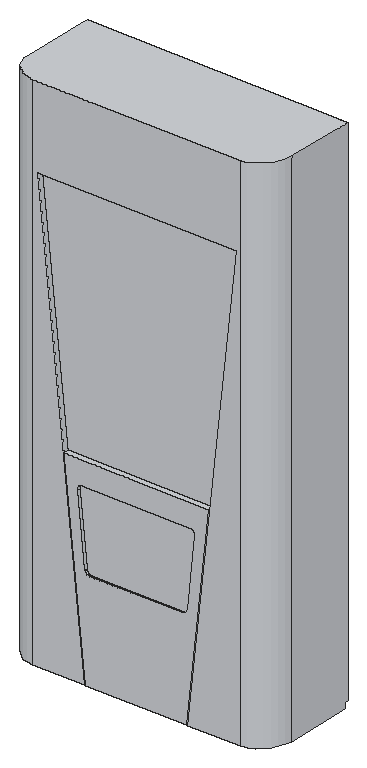
Revit family "RFADBX18", category Generic Models, Revit 2013
Parameters (values of type "DBX_Electronically Controlled Instantaneous Water Heaters")
  Wireless (WIFI) = "N/A"
  Weekly Maintenance (or SFG20 Codes) = ""
  Warranty ID = "12 months"
  Tap Clearance = "N/A"
  Shipping Weight = "Not Known"
  Responsible Sourcing of Materials = ""
  Responsible Extraction of Materials = ""
  Quarterly Maintenance (or SFG20 Codes) = ""
  Overall Length/Depth = "160"
  WRAS Approved = "Yes"
  Power Supply (Voltage) = "PE 380-400"
  URL = "www.zipindustries.co.uk"
  Type Comments = "Boiling Water Heater (Potable)"
  Supply Phase = "3"
  Shape = "Rectangular"
  O&M Manual (Manufacturer O&M Data) = ""
  Monthly Maintenance (or SFG20 Codes) = ""
  Max. Stored Water Temperature = "N/A"
  Material Ingredient Reporting = ""
  Maintenance Required 8001-12000hrs (Maintenance required in this time frame) = ""
  Maintenance Required 601-1000hrs (Maintenance tasks required in this time frame) = ""
  Maintenance Required 40001-8000hrs (Maintenance tasks required in this time frame) = ""
  Maintenance Required 301-600hrs (Maintenance Tasks required in this time frame) = ""
  Maintenance Required 2001-4000hrs (Maintenance tasks required in this time frame) = ""
  Maintenance Required 1001-2000hrs (Maintenance tasks required in this time frame) = ""
  Maintenance Required 0-300hrs (Maintenance Tasks required in this time frame) = ""
  Location of Manufacturer = ""
  Life Cycle Analysis = ""
  Heat Up Time = "N/A"
  Programmable Safety Features = "YES"
  Programmable Function Parameters = "YES"
  Product Range = "Instantaneous Water Heaters"
  Overall Width = "295"
  Overall Height = "540"
  Type/Usage = "Wall mounted"
  Net Weight = "3.3kg"
  Internal Filter (if fitted) = "Not Fitted"
  Gross Weight = "3.7kg"
  Green Guide for Specification = ""
  Model = "DBX18"
  Standby Power Loss (idle mode) = "Not Known"
  l Flow Rate @ 50°C(3)  l/m = "9.8(4)"
  Volume Dispensed per hour = "N/A"
  Expected Life = ""
  Environmental Product Declaration = ""
  Energy Technology List = ""
  Embodied Carbon = ""
  Daily Maintenance (or SFG20 Codes) = ""
  Cable Length and size (If Fitted) = "Not fitted"
  Single Instance Draw off Volume = "N/A"
  Recovery Volume per Minute = "N/A"
  Mains Water Connection = "1/2” BSP"
  Manufacturer = "Zip Industries(UK) Ltd"
  Keynote = ""
  Mains Water Pressure (Minimum) = "0.2 MPa (2 bar) is recommended for optimum performance."
  Mains Water Pressure (Maximum) = "The appliance must not be subject to more than 1.0 MPa (10 bar)."
  Mains Pressure Limiting Valve = "Not Fitted"
  Touch Screen Control Panel = "Yes"
  Enclosure Rating = "IP25"
  Button Interface = "Yes"
  Bespoke Timeframe Maintenance (or SFG20 Codes) = ""
  Backflow Prevention Valve = "Not fitted"
  Tank Construction Material = "N/A"
  Tank Thickness = "N/A"
  Insulation Material = "N/A"
  Recommended Installation Height (Wall mounted Units) = "N/A"
  Power Rating = "18.0"
  Capacity = "N/A"
  Features = ""
  External Material = "High impact resistant white plastic"
  Electrical safety tested and certified to BS standard = ""
  EMC Tested and certified to BS standard = ""
  Description = ""
  Control Thermostat Range = "30°C-60°C"
  CE Approval = ""
  BMS Links = "No"
  Assembly Code = ""
  Unit Access Clearance right = "N/A"
  Unit Access Clearance Top = "N/A"
  Unit Access Clearance Rear = "N/A"
  Unit Access Clearance Left = "N/A"
  Unit Access Clearance Front = "N/A"
  Unit Access Clearance Bottom = "N/A"
  Annually Maintenance (or SFG20 Codes) = ""
  7 day Electronic Programming = "No"
  6 Monthly Maintenance (or SFG20 Codes) = ""
Reference planes
  plane 1 "Center (Front/Back)": y = 0
  plane 2: z = 0
  plane 3 "Center (Left/Right)": x = 0
  plane 4 "BOX LEFT": x = -117.5
  plane 5 "A": y = 19.376
  plane 6 "S": z = -148.951
  plane 7 "H": z = -191.869
  plane 8 "V": z = -175.306
  plane 9 "ww": through (62.801, 43.527, 1200) normal (-0.1908, -0.9816, 0)
  plane 10 "BASE": z = -232.832
Forms (mm)
  Extrusion 1, solid
    sketch origin (0, 0, -352.526) x (-1, 0, 0) y (0, -1, 0)
      loop
        line (106.239, -47.777) -> (109.307, -39.349) -> (115.065, -39.349) -> (116.054, -36.632) -> (116.054, 20.759)
        arc (116.054, 20.759) -> (110.947, 40.718) -> (92.486, 49.863) r 24.701
        line (92.486, 49.863) -> (-92.514, 49.863)
        arc (-92.514, 49.863) -> (-108.804, 40.026) -> (-115.994, 22.406) r 30.245
        line (-115.994, 22.406) -> (-115.994, -39.126) -> (-110.049, -39.126) -> (-106.9, -47.777) -> (106.239, -47.777)
    from 119.694 to 585.705
  Extrusion 2, void
    sketch origin (0, 0, 0) x (1, 0, 0) y (0, 0, 1)
      loop
        line (88.743, 160.437) -> (-88.227, 160.713) -> (-65.315, -54.107) -> (65.182, -54.107) -> (88.743, 160.437)
    from 45.155 to 61.706
  Extrusion 3, void
    sketch origin (0, 0, 0) x (1, 0, 0) y (0, 0, 1)
      loop
        line (-65.321, -54.107) -> (-46.204, -233.175) -> (-45.407, -233.09) -> (-64.514, -54.107) -> (-65.321, -54.107)
      loop
        line (65.182, -54.107) -> (64.246, -54.107) -> (44.558, -233.384) -> (45.495, -233.384) -> (45.645, -232.02) -> (65.182, -54.107)
    from 0 to 250
  Extrusion 4, void
    sketch origin (0, 0, 0) x (1, 0, 0) y (0, 0, 1)
      loop
        arc (-48.165, -74.647) -> (-51.281, -76.034) -> (-52.333, -79.278) r 4.191
        line (-52.333, -79.278) -> (-45.817, -141.003)
        arc (-45.817, -141.003) -> (-44.46, -143.664) -> (-41.671, -144.735) r 4.169
        line (-41.671, -144.735) -> (41.027, -144.735)
        arc (41.027, -144.735) -> (43.666, -143.724) -> (44.955, -141.21) r 3.951
        line (44.955, -141.21) -> (51.688, -79.291)
        arc (51.688, -79.291) -> (50.641, -76.039) -> (47.521, -74.647) r 4.191
        line (47.521, -74.647) -> (-48.165, -74.647)
    from 48.002 to 57.893
  Extrusion 5, void
    sketch origin (125, 0, -1.217) x (0, 0, -1) y (0, -1, 0)
      loop
        line (223.201, -47.777) -> (232.832, -47.777) -> (232.832, -36.632) -> (226.676, -36.632) -> (223.201, -47.777)
      loop
        line (-225.893, -47.777) -> (-228.613, -39.349) -> (-234.396, -39.349) -> (-234.396, -47.777) -> (-225.893, -47.777)
    from 0 to 250
  Extrusion 6, void
    sketch origin (0, 0, 0) x (1, 0, 0) y (0, 0, 1)
      loop
        line (104.401, -129.051) -> (-104.875, -128.724) -> (-105.02, -221.724) -> (104.256, -222.051) -> (104.401, -129.051)
    from -3.62 to -53.716
  Revolve 7, solid
    sketch origin (0, 19.376, 0) x (0, 0, -1) y (-1, 0, 0)
      loop
        line (128.957, -44.72) -> (128.957, -46.484) -> (155.821, -46.484) -> (155.821, -44.72) -> (128.957, -44.72)
      axis (155.821, -49.774) -> (128.957, -49.774)
    angle from 0 to 360
  Revolve 8, solid
    sketch origin (-0.312, 19.376, 0) x (0, 0, -1) y (1, 0, 0)
      loop
        line (128.957, -44.72) -> (128.957, -46.484) -> (155.821, -46.484) -> (155.821, -44.72) -> (128.957, -44.72)
      axis (155.821, -49.774) -> (128.957, -49.774)
    angle from 0 to 360
  Extrusion 9, solid
    sketch origin (0, 0, -148.951) x (0, 1, 0) y (-1, 0, 0)
      loop
        line (28.826, 44.77) -> (28.826, 55.682) -> (19.376, 61.137) -> (9.926, 55.682) -> (9.926, 44.77) -> (19.376, 39.314) -> (28.826, 44.77)
    from 0 to -10.758
  Extrusion 10, solid
    sketch origin (0, 0, -148.951) x (0, 1, 0) y (-1, 0, 0)
      loop
        line (28.826, -44.77) -> (19.376, -39.314) -> (9.926, -44.77) -> (9.926, -55.682) -> (19.376, -61.137) -> (28.826, -55.682) -> (28.826, -44.77)
    from 0 to -10.915
  Revolve 11, solid
    sketch origin (0, 19.376, 0) x (0, 0, -1) y (-1, 0, 0)
      loop
        line (159.866, -49.273) -> (194.06, -49.273) -> (194.06, -38.034) -> (164.852, -38.034) -> (164.852, -41.475) -> (159.866, -41.475) -> (159.866, -49.273)
      axis (194.06, -49.757) -> (159.866, -49.757)
    angle from 0 to 360
  Revolve 12, solid
    sketch origin (0, 19.376, 0) x (0, 0, -1) y (1, 0, 0)
      loop
        line (159.866, -49.273) -> (194.06, -49.273) -> (194.06, -38.034) -> (164.852, -38.034) -> (164.852, -41.475) -> (159.866, -41.475) -> (159.866, -49.273)
      axis (194.06, -49.757) -> (159.866, -49.757)
    angle from 0 to 360
  Extrusion 13, solid
    sketch origin (0, 0, -191.869) x (0, 1, 0) y (-1, 0, 0)
      loop
        line (32.3, -45.013) -> (21.805, -36.173) -> (8.866, -40.855) -> (6.454, -54.383) -> (16.964, -63.235) -> (29.885, -58.56) -> (32.3, -45.013)
      loop
        circle (19.372, -49.755) r 7.558
    from 0 to -13.997
  Extrusion 14, solid
    sketch origin (0, 0, -191.869) x (0, 1, 0) y (-1, 0, 0)
      loop
        line (32.3, 45.013) -> (29.885, 58.56) -> (16.964, 63.235) -> (6.454, 54.383) -> (8.866, 40.855) -> (21.805, 36.173) -> (32.3, 45.013)
      loop
        circle (19.372, 49.755) r 7.558
    from 0 to -13.84
  Revolve 15, solid
    sketch origin (0, 0, -175.306) x (1, 0, 0) y (0, 1, 0)
      loop
        line (-49.804, 19.359) -> (-40.123, 21.066) -> (-43.551, 40.509) -> (-53.352, 39.479) -> (-49.804, 19.359)
      axis (-53.655, 39.425) -> (-50.107, 19.305)
    angle from 0 to 360
  Revolve 16, solid
    sketch origin (0, 0, -175.306) x (-1, 0, 0) y (0, 1, 0)
      loop
        line (-49.804, 19.359) -> (-40.123, 21.066) -> (-43.551, 40.509) -> (-53.352, 39.479) -> (-49.804, 19.359)
      axis (-53.655, 39.425) -> (-50.107, 19.305)
    angle from 0 to 360
  Extrusion 17, solid
    sketch origin (10.439, 53.705, 0) x (0.981627, -0.190809, 0) y (0, 0, 1)
      loop
        line (53.824, -165.357) -> (40.481, -162.276) -> (30.952, -171.806) -> (34.855, -185.416) -> (48.58, -188.584) -> (57.685, -178.82) -> (53.824, -165.357)
    from 0 to 10.642
  Extrusion 18, solid
    sketch origin (-10.439, 53.705, 0) x (-0.981627, -0.190809, 0) y (0, 0, -1)
      loop
        line (53.824, 165.357) -> (57.685, 178.82) -> (48.58, 188.584) -> (34.855, 185.416) -> (30.952, 171.806) -> (40.481, 162.276) -> (53.824, 165.357)
    from 0 to 9
  Extrusion 19, void
    sketch origin (0, 0, -232.832) x (-1, 0, 0) y (0, -1, 0)
      loop
        circle (49.713, -19.375) r 15
      loop
        circle (-49.713, -19.375) r 15
    from -6.558 to 15.293
Cuts and joins
  Extrusion 2, Extrusion 3, Extrusion 4, Extrusion 5, Extrusion 6, Extrusion 19 cuts Extrusion 1
  Extrusion 19 cuts Revolve 7
  Extrusion 19 cuts Revolve 8
  Extrusion 19 cuts Extrusion 9
  Extrusion 19 cuts Extrusion 10
  Extrusion 19 cuts Revolve 11
  Extrusion 19 cuts Revolve 12
  Extrusion 19 cuts Extrusion 13
  Extrusion 19 cuts Extrusion 14
  Extrusion 19 cuts Revolve 15
  Extrusion 19 cuts Revolve 16
Dimensions and locks
  aligned and locked: level to plane 2
Connectors
  piping at (49.755, 19.372, -205.865)
    settings: on cut or joined group of Extrusion 13, Extrusion 19, index 1, connector radius 7.5 mm, flow factor 0, pipe flow 0.0 L/s, pressure drop 0.0 Pa, fitting loss kfactor 0, connector angle 0.00°, fixture units 0, engagement length 0 mm, flow configuration 0, flow direction 1, fitting loss method 0, system type 20, joint type 0, gender type 0, connector reference index -1, connector utility 0, adjustable connector no, is connector primary yes, fitting loss table "", connector description ""
  piping at (-49.755, 19.372, -205.709)
    settings: on cut or joined group of Extrusion 14, Extrusion 19, index 2, connector radius 7.5 mm, flow factor 0, pipe flow 0.0 L/s, pressure drop 0.0 Pa, fitting loss kfactor 0, connector angle 0.00°, fixture units 0, engagement length 0 mm, flow configuration 0, flow direction 2, fitting loss method 0, system type 19, joint type 0, gender type 0, connector reference index -1, connector utility 0, adjustable connector no, is connector primary no, fitting loss table "", connector description ""
